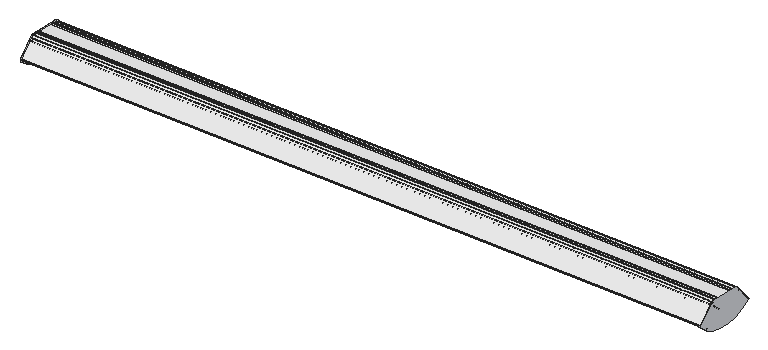
Revit family "LBL-VL", category Lighting Fixtures, host Ceiling, Revit 2019
Family settings
  Host = Ceiling
  Round Connector Dimension = Use Diameter
  Part Type = Normal
  OmniClass Number = 23.80.70.11.14.11
  OmniClass Title = Downlights
  Always vertical = Yes
  Cut with Voids When Loaded = No
  Light Source = Yes
  Shared = No
  Room Calculation Point = No
Parameters (values of type "LBL-VL96-LED840K240LUNV")
  Width = 0' - 8"
  Wattage = 2018 W
  built-in parameter 1150110 = 1 (stored number, unit not read)
  Voltage = 120 V
  URL = "https://www.viscor.com/en/products/lbl-vl"
  built-in parameter 1114217 = 0.9 (stored number, unit not read)
  Tilt Angle = 90.00°
  built-in parameter 1150109 = 1 (stored number, unit not read)
  built-in parameter 1150134 = 12
  built-in parameter 1150113 = 1 (stored number, unit not read)
  Photometric Web File = "LBL-VL96-LED840K240LUNV.ies"
  Model = "LBL-VL"  # constant formula
  Manufacturer = "VISIONEERING by VISCOR"  # constant formula
  Lumens = 211890 lm
  built-in parameter 1150115 = 1 (stored number, unit not read)
  built-in parameter 1150105 = 16861.7 (stored number, unit not read)
  built-in parameter 1150137 = (empty or 0)
  built-in parameter 1150139 = (empty or 0)
  Lens Finish = Polycarbonate - Viscor - Frosted Round
  Length = 7' - 8 1/8"
  Lamp Wattage = 218 VA
  built-in parameter 1150112 = 1 (stored number, unit not read)
  built-in parameter 1150114 = 1 (stored number, unit not read)
  Lamp = "LED"  # constant formula
  built-in parameter 1150132 = (empty or 0)
  built-in parameter 1150102 = (empty or 0)
  built-in parameter 1150138 = (empty or 0)
  built-in parameter 1150107 = 4000 (stored number, unit not read)
  built-in parameter 1150106 = 168.62 (stored number, unit not read)
  Housing Finish = Metal - Viscor - White
  Emit from Line Length = Length  # 7' - 8 1/8"
  built-in parameter 1150104 = 9.7548 (stored number, unit not read)
  Dimming Lamp Color Temperature Shift = <None>
  Description = "Commercial-grade, surface or suspended-mounted wrap-around ceiling luminaire"  # constant formula
  Color Filter = 16777215
  built-in parameter 1114218 = 1 (stored number, unit not read)
  built-in parameter 1150133 = 10 (stored number, unit not read)
  Assembly Code = "D5020200"
  Apparent Load = Lamp Wattage  # 218 VA
Types (9): name | Wattage | Tilt Angle | Photometric Web File | Lumens | built-in parameter 1150105 | Length | Lamp Wattage | built-in parameter 1150106 | Emit from Line Length | built-in parameter 1150104 | Apparent Load
  (no name) | 2018 W | 90.00° | "LBL-VL96-LED840K240LUNV.ies" | 211890 lm | 16861.7 (stored number, unit not read) | 7' - 8 1/8" | 218 VA | 168.62 (stored number, unit not read) | 7' - 8 1/8" | 9.7548 (stored number, unit not read) | 218 VA
  LBL-VL24-LED840K028LUNV | 22 W | 90.00° | "LBL-VL24-LED840K028LUNV.IES" | 2860 lm | 227.59 (stored number, unit not read) | 1' - 11 3/8" | 22 VA | 2.2759 (stored number, unit not read) | 1' - 11 3/8" | 12.077 (stored number, unit not read) | 22 VA
  LBL-VL24-LED840K037LUNV | 29 W | 90.00° | "LBL-VL24-LED840K037LUNV.IES" | 3654 lm | 290.78 (stored number, unit not read) | 1' - 11 3/8" | 29 VA | 2.9078 (stored number, unit not read) | 1' - 11 3/8" | 11.706 (stored number, unit not read) | 29 VA
  LBL-VL48-LED840K028LUNV | 22 W | 90.00° | "LBL-VL48-LED840K028LUNV.IES" | 2860 lm | 227.59 (stored number, unit not read) | 3' - 10 1/16" | 22 VA | 2.2759 (stored number, unit not read) | 3' - 10 1/16" | 12.077 (stored number, unit not read) | 22 VA
  LBL-VL48-LED840K037LUNV | 29 W | 90.00° | "LBL-VL48-LED840K037LUNV.IES" | 3654 lm | 290.78 (stored number, unit not read) | 3' - 10 1/16" | 29 VA | 2.9078 (stored number, unit not read) | 3' - 10 1/16" | 11.706 (stored number, unit not read) | 29 VA
  LBL-VL48-LED840K045LUNV | 34 W | 90.00° | "LBL-VL48-LED840K045LUNV.IES" | 4488 lm | 357.14 (stored number, unit not read) | 3' - 10 1/16" | 34 VA | 3.5714 (stored number, unit not read) | 3' - 10 1/16" | 12.263 (stored number, unit not read) | 34 VA
  LBL-VL48-LED840K052LUNV | 40 W | 60.00° | "LBL-VL48-LED840K052LUNV.IES" | 5200 lm | 413.8 (stored number, unit not read) | 3' - 10 1/16" | 40 VA | 4.138 (stored number, unit not read) | 3' - 10 1/16" | 12.077 (stored number, unit not read) | 40 VA
  LBL-VL48-LED840K120LUNV | 109 W | 90.00° | "LBL-VL48-LED840K120LUNV.IES" | 11445 lm | 910.76 (stored number, unit not read) | 3' - 10 1/16" | 109 VA | 9.1076 (stored number, unit not read) | 3' - 10 1/16" | 9.7548 (stored number, unit not read) | 109 VA
  LBL-VL96-LED840K240LUNV | 2018 W | 90.00° | "LBL-VL96-LED840K240LUNV.ies" | 211890 lm | 16861.7 (stored number, unit not read) | 7' - 8 1/8" | 218 VA | 168.62 (stored number, unit not read) | 7' - 8 1/8" | 9.7548 (stored number, unit not read) | 218 VA
Reference planes (in)
  plane 1 "Light Source Axis (F/B)": y = 0
  plane 2 "Ceiling": z = 96
  plane 3 "Light Source Axis (L/R)": x = 0
  plane 4 "Light Source Elevation": z = 92
  plane 5: y = 4
  plane 6: y = -4
  plane 7: x = -46.0625
  plane 8: x = 46.0625
  plane 9: x = -46.03125
  plane 10: x = 46.03125
Forms (in)
  Extrusion 1, solid, material "Metal - Viscor - White"
    sketch origin (0, 0, 0) x (0, 1, 0) y (0, 0, 1)
      loop
        line (3.61055, 93.43293) -> (3.92444, 93.68712)
        arc (3.92444, 93.68712) -> (3.94981, 93.73533) -> (3.93229, 93.78691) r 0.069
        line (3.93229, 93.78691) -> (2.04391, 95.88417)
        arc (2.04391, 95.88417) -> (2.0207, 95.90103) -> (1.99264, 95.907) r 0.069
        line (1.99264, 95.907) -> (1.51098, 95.907) -> (1.40098, 96) -> (1.09902, 96) -> (0.98902, 95.907) -> (-0.98902, 95.907) -> (-1.09902, 96) -> (-1.40098, 96) -> (-1.51098, 95.907) -> (-1.99264, 95.907)
        arc (-1.99264, 95.907) -> (-2.0207, 95.90103) -> (-2.04391, 95.88417) r 0.069
        line (-2.04391, 95.88417) -> (-3.93229, 93.78691)
        arc (-3.93229, 93.78691) -> (-3.94981, 93.73533) -> (-3.92444, 93.68712) r 0.069
        line (-3.92444, 93.68712) -> (-3.61055, 93.43293) -> (-3.59088, 93.45722) -> (-3.90477, 93.7114)
        arc (-3.90477, 93.7114) -> (-3.91865, 93.73778) -> (-3.90907, 93.766) r 0.03775
        line (-3.90907, 93.766) -> (-2.02069, 95.86326)
        arc (-2.02069, 95.86326) -> (-2.00799, 95.87249) -> (-1.99264, 95.87575) r 0.03775
        line (-1.99264, 95.87575) -> (-1.49954, 95.87575) -> (-1.38954, 95.96875) -> (-1.11046, 95.96875) -> (-1.00046, 95.87575) -> (1.00046, 95.87575) -> (1.11046, 95.96875) -> (1.38954, 95.96875) -> (1.49954, 95.87575) -> (2.00944, 95.87575) -> (3.90907, 93.766)
        arc (3.90907, 93.766) -> (3.91865, 93.73778) -> (3.90477, 93.7114) r 0.03775
        line (3.90477, 93.7114) -> (3.59088, 93.45722) -> (3.61055, 93.43293)
    from -46.03125 to 46.03125
  Extrusion 2, solid, material "Metal - Viscor - White"
    sketch origin (0, 0, 0) x (0, 1, 0) y (0, 0, 1)
      loop
        arc (3.99072, 93.53713) -> (4.01044, 93.65375) -> (3.96091, 93.76119) r 0.2
        line (3.96091, 93.76119) -> (2.03724, 95.89764)
        arc (2.03724, 95.89764) -> (1.99519, 95.92819) -> (1.94435, 95.939) r 0.125
        line (1.94435, 95.939) -> (-1.94435, 95.939)
        arc (-1.94435, 95.939) -> (-1.99519, 95.92819) -> (-2.03724, 95.89764) r 0.125
        line (-2.03724, 95.89764) -> (-3.96083, 93.76112)
        arc (-3.96083, 93.76112) -> (-4.01044, 93.65375) -> (-3.99072, 93.53713) r 0.2
        arc (-3.99072, 93.53713) -> (0, 92.033) -> (3.99072, 93.53713) r 6.04611
    from -46.0625 to -46.03125
  Extrusion 3, solid
    sketch origin (0, 0, 0) x (0, 1, 0) y (0, 0, -1)
      loop
        arc (3.99072, -93.53713) -> (0, -92.033) -> (-3.99072, -93.53713) r 6.04611
        arc (-3.99072, -93.53713) -> (-4.01044, -93.65375) -> (-3.96083, -93.76112) r 0.2
        line (-3.96083, -93.76112) -> (-2.03724, -95.89764)
        arc (-2.03724, -95.89764) -> (-1.99519, -95.92819) -> (-1.94435, -95.939) r 0.125
        line (-1.94435, -95.939) -> (1.94435, -95.939)
        arc (1.94435, -95.939) -> (1.99519, -95.92819) -> (2.03724, -95.89764) r 0.125
        line (2.03724, -95.89764) -> (3.96091, -93.76119)
        arc (3.96091, -93.76119) -> (4.01044, -93.65375) -> (3.99072, -93.53713) r 0.2
    from -46.0625 to -46.03125
  Extrusion 4, solid, material "Metal - Viscor - White"
    sketch origin (0, 0, 0) x (0, 1, 0) y (0, 0, 1)
      loop
        line (2.44935, 95.37859) -> (2.24939, 95.60067)
        arc (2.24939, 95.60067) -> (2.20764, 95.62103) -> (2.16346, 95.60667) r 0.062
        line (2.16346, 95.60667) -> (0.86663, 94.5185) -> (-0.86663, 94.5185) -> (-2.16346, 95.60667)
        arc (-2.16346, 95.60667) -> (-2.20764, 95.62103) -> (-2.24939, 95.60067) r 0.062
        line (-2.24939, 95.60067) -> (-2.44826, 95.3798) -> (-2.42613, 95.35768) -> (-2.22617, 95.57976)
        arc (-2.22617, 95.57976) -> (-2.20546, 95.58986) -> (-2.18355, 95.58274) r 0.03075
        line (-2.18355, 95.58274) -> (-0.878, 94.48725) -> (0.878, 94.48725) -> (2.18355, 95.58274)
        arc (2.18355, 95.58274) -> (2.20546, 95.58986) -> (2.22617, 95.57976) r 0.03075
        line (2.22617, 95.57976) -> (2.42613, 95.35768) -> (2.44935, 95.37859)
    from -46.03125 to 46.03125
  Extrusion 5, solid, material "Polycarbonate - Viscor - Frosted Round" <- "Lens Finish"
    sketch origin (0, 0, 0) x (0, 1, 0) y (0, 0, 1)
      loop
        line (3.8885, 93.71404) -> (3.86125, 93.74332)
        arc (3.86125, 93.74332) -> (0, 92.22437) -> (-3.86125, 93.74332) r 5.66722
        line (-3.86125, 93.74332) -> (-3.8885, 93.71404)
        arc (-3.8885, 93.71404) -> (0, 92.18437) -> (3.8885, 93.71404) r 5.70722
    from -46.03125 to 46.03125
Dimensions and locks (in)
  equal spacing: host sketch curve, plane 3 "Light Source Axis (L/R)", host sketch curve
  equal spacing: host sketch curve, plane 1 "Light Source Axis (F/B)", host sketch curve
  host sketch curve to host sketch curve = 10' - 0"  (x2)
  equal spacing: plane 5, plane 1 "Light Source Axis (F/B)", plane 6
  "Width": plane 5 to plane 6
  equal spacing: plane 7, plane 3 "Light Source Axis (L/R)", plane 8
  "Length": plane 7 to plane 8
  plane 7 to plane 9 to plane 3 "Light Source Axis (L/R)" = 0' - 0 1/32" locked, 3' - 10 1/32"
  locked: plane 10 to plane 8 at 0.03125
  aligned and locked: plane 3 "Light Source Axis (L/R)" to imposter light
  aligned and locked: plane 1 "Light Source Axis (F/B)" to imposter light
  aligned and locked: plane 4 "Light Source Elevation" to imposter light
  aligned and locked: Extrusion 1 to plane 9
  aligned and locked: plane 10 to Extrusion 1
  aligned and locked: Extrusion 2 to plane 7
  aligned and locked: plane 9 to Extrusion 2
  aligned and locked: plane 8 to Extrusion 3
  aligned and locked: Extrusion 3 to plane 10
  aligned and locked: Extrusion 4 to plane 9
  aligned and locked: plane 10 to Extrusion 4
  aligned and locked: Extrusion 5 to plane 9
  aligned and locked: plane 10 to Extrusion 5
Automatic sketch dimensions
  Extrusion 1 sketch curve to Extrusion 1 sketch curve = 0' - 0"  (x6)
  Extrusion 1 sketch curve to plane 2 "Ceiling" = 0' - 0"  (x2)
  plane 6 to Extrusion 1 sketch curve = 0' - 0.06771"
  plane 6 to Extrusion 1 sketch curve = 0' - 0.07556"
  Extrusion 1 sketch curve to Extrusion 1 sketch curve = 0' - 0.02322"  (x3)
  Extrusion 1 sketch curve to Extrusion 1 sketch curve = 0' - 0.01967"  (x4)
  Extrusion 1 sketch curve to Extrusion 1 sketch curve = 0' - 0.02376"  (x2)
  plane 6 to Extrusion 1 sketch curve = 0' - 0.38945"
  Extrusion 1 sketch curve to plane 2 "Ceiling" = 0' - 0.11583"  (x2)
  plane 6 to Extrusion 1 sketch curve = 0' - 1.95609"
  Extrusion 1 sketch curve to plane 2 "Ceiling" = 0' - 0.13674"
  Extrusion 1 sketch curve to Extrusion 1 sketch curve = 0' - 0.02805"  (x2)
  Extrusion 1 sketch curve to plane 2 "Ceiling" = 0' - 0.093"  (x2)
  Extrusion 1 sketch curve to Extrusion 1 sketch curve = 0' - 0.48165"  (x2)
  Extrusion 1 sketch curve to Extrusion 1 sketch curve = 0' - 0.01144"  (x8)
  Extrusion 1 sketch curve to Extrusion 1 sketch curve = 0' - 0.11"  (x4)
  Extrusion 1 sketch curve to plane 2 "Ceiling" = 0' - 0 1/32"  (x2)
  Extrusion 1 sketch curve to Extrusion 1 sketch curve = 0' - 0.27908"  (x2)
  Extrusion 1 sketch curve to plane 1 "Light Source Axis (F/B)" = 0' - 0.98902"
  Extrusion 1 sketch curve to plane 2 "Ceiling" = 0' - 0.162"
  Extrusion 1 sketch curve to Extrusion 1 sketch curve = 0' - 0.01681"
  Extrusion 1 sketch curve to Extrusion 1 sketch curve = 0' - 0.03447"
  Extrusion 1 sketch curve to plane 5 = 0' - 0.40912"
  Extrusion 1 sketch curve to plane 5 = 0' - 0.11898"
  Extrusion 1 sketch curve to plane 4 "Light Source Elevation" = 0' - 1.78691"  (x2)
  Extrusion 1 sketch curve to Extrusion 1 sketch curve = 0' - 0.02091"  (x2)
  Extrusion 1 sketch curve to Extrusion 1 sketch curve = 0' - 0.02526"  (x2)
  Extrusion 1 sketch curve to Extrusion 1 sketch curve = 0' - 0 1/32"  (x2)
  Extrusion 2 sketch curve to plane 1 "Light Source Axis (F/B)" = 0' - 0"
  Extrusion 2 sketch curve to plane 2 "Ceiling" = 0' - 0.186"
  plane 1 "Light Source Axis (F/B)" to Extrusion 2 sketch curve = 0' - 1.94435"
  Extrusion 2 sketch curve to plane 2 "Ceiling" = 0' - 0.10236"  (x2)
  Extrusion 2 sketch curve to Extrusion 2 sketch curve = 0' - 0.09289"  (x2)
  plane 6 to Extrusion 2 sketch curve = 0' - 0.1878"
  Extrusion 2 sketch curve to plane 1 "Light Source Axis (F/B)" = 0' - 1.94435"
  Extrusion 2 sketch curve to plane 5 = 0' - 0.1878"
  Extrusion 2 sketch curve to plane 4 "Light Source Elevation" = 0' - 1.62729"  (x2)
  plane 2 "Ceiling" to Extrusion 2 sketch curve = 0' - 2.07911"
  plane 6 to Extrusion 2 sketch curve = 0' - 0.03917"
  Extrusion 2 sketch curve to Extrusion 2 sketch curve = 0' - 0.00008"  (x2)
  plane 6 to Extrusion 2 sketch curve = 0' - 0.00928"
  Extrusion 2 sketch curve to plane 5 = 0' - 0.03917"
  Extrusion 2 sketch curve to plane 5 = 0' - 0.00928"
  Extrusion 2 sketch curve to Extrusion 2 sketch curve = 0' - 0.1339"  (x2)
  Extrusion 2 sketch curve to Extrusion 2 sketch curve = 0' - 0.00007"
  Extrusion 3 sketch curve to plane 1 "Light Source Axis (F/B)" = 0' - 0"
  Extrusion 3 sketch curve to plane 2 "Ceiling" = 0' - 0.186"
  plane 1 "Light Source Axis (F/B)" to Extrusion 3 sketch curve = 0' - 1.94435"
  Extrusion 3 sketch curve to plane 2 "Ceiling" = 0' - 0.10236"  (x2)
  Extrusion 3 sketch curve to Extrusion 3 sketch curve = 0' - 0.09289"  (x2)
  plane 6 to Extrusion 3 sketch curve = 0' - 0.1878"
  Extrusion 3 sketch curve to plane 1 "Light Source Axis (F/B)" = 0' - 1.94435"
  Extrusion 3 sketch curve to plane 5 = 0' - 0.1878"
  plane 2 "Ceiling" to Extrusion 3 sketch curve = 0' - 2.07911"
  Extrusion 3 sketch curve to plane 4 "Light Source Elevation" = 0' - 1.62729"  (x2)
  plane 6 to Extrusion 3 sketch curve = 0' - 0.03917"
  Extrusion 3 sketch curve to Extrusion 3 sketch curve = 0' - 0.00008"  (x2)
  plane 6 to Extrusion 3 sketch curve = 0' - 0.00928"
  Extrusion 3 sketch curve to plane 5 = 0' - 0.03917"
  Extrusion 3 sketch curve to plane 5 = 0' - 0.00928"
  Extrusion 3 sketch curve to Extrusion 3 sketch curve = 0' - 0.1339"  (x2)
  Extrusion 3 sketch curve to Extrusion 3 sketch curve = 0' - 0.00007"
  Extrusion 4 sketch curve to Extrusion 4 sketch curve = 0' - 0"  (x4)
  Extrusion 4 sketch curve to plane 2 "Ceiling" = 0' - 0.6202"
  plane 6 to Extrusion 4 sketch curve = 0' - 1.55174"
  Extrusion 4 sketch curve to plane 2 "Ceiling" = 0' - 0.64232"
  Extrusion 4 sketch curve to Extrusion 4 sketch curve = 0' - 0.02213"
  Extrusion 4 sketch curve to plane 2 "Ceiling" = 0' - 0.39933"  (x2)
  Extrusion 4 sketch curve to Extrusion 4 sketch curve = 0' - 0.19887"
  Extrusion 4 sketch curve to plane 2 "Ceiling" = 0' - 0.42024"  (x2)
  Extrusion 4 sketch curve to Extrusion 4 sketch curve = 0' - 0.02322"  (x2)
  Extrusion 4 sketch curve to Extrusion 4 sketch curve = 0' - 0.02285"  (x2)
  Extrusion 4 sketch curve to plane 2 "Ceiling" = 0' - 0.41726"  (x2)
  Extrusion 4 sketch curve to Extrusion 4 sketch curve = 0' - 0.01977"  (x2)
  Extrusion 4 sketch curve to plane 2 "Ceiling" = 0' - 0.39333"  (x2)
  plane 1 "Light Source Axis (F/B)" to Extrusion 4 sketch curve = 0' - 0.878"
  Extrusion 4 sketch curve to Extrusion 4 sketch curve = 0' - 0.01137"  (x2)
  Extrusion 4 sketch curve to plane 1 "Light Source Axis (F/B)" = 0' - 0.86663"
  Extrusion 4 sketch curve to Extrusion 4 sketch curve = 0' - 1.29684"
  Extrusion 4 sketch curve to Extrusion 4 sketch curve = 0' - 0.02009"
  Extrusion 4 sketch curve to plane 2 "Ceiling" = 0' - 1.4815"
  Extrusion 4 sketch curve to Extrusion 4 sketch curve = 0' - 0 1/32"
  Extrusion 4 sketch curve to Extrusion 4 sketch curve = 0' - 0.19996"
  Extrusion 5 sketch curve to Extrusion 5 sketch curve = 0' - 0"  (x2)
  Extrusion 5 sketch curve to plane 1 "Light Source Axis (F/B)" = 0' - 0"
  Extrusion 5 sketch curve to plane 5 = 0' - 0.13875"
  Extrusion 5 sketch curve to Extrusion 5 sketch curve = 0' - 0.02725"  (x2)
  Extrusion 5 sketch curve to plane 4 "Light Source Elevation" = 0' - 1.71404"
  Extrusion 5 sketch curve to Extrusion 5 sketch curve = 0' - 0.02928"
  plane 2 "Ceiling" to Extrusion 5 sketch curve = 0' - 1.89159"
  plane 6 to Extrusion 5 sketch curve = 0' - 0.13875"
Connectors (in)
  electrical at (0, 0, 92), driven by "Voltage", driven by "Apparent Load"
    settings: index 1, voltage 120 V, apparent load 0 VA, apparent load phase1 218 VA, apparent load phase2 0 VA, apparent load phase3 0 VA, power factor 1, load classification "Other", number of poles 1, system type 31, power factor state 1, is connector primary yes, connector utility no, sub classification motor no, connector description ""
